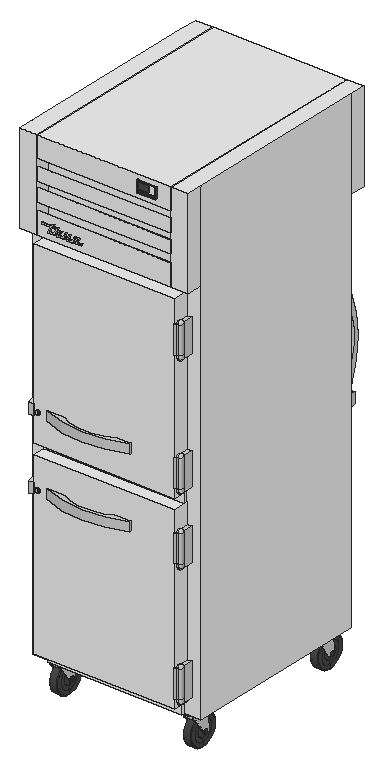
Revit family "QF_TRUE_STR1RPT-2HS-1G-HC", category Specialty Equipment, Revit 2012 (continued)
Automatic sketch dimensions
  Extrusion 6 sketch curve to Extrusion 6 sketch curve = 0.04799"
  Extrusion 6 sketch curve to Extrusion 6 sketch curve = 0.02531"
  Extrusion 6 sketch curve to Extrusion 6 sketch curve = 0.03054"
  Extrusion 6 sketch curve to Extrusion 6 sketch curve = 0.2589"
  Extrusion 6 sketch curve to Extrusion 6 sketch curve = 0.0674"
  Extrusion 6 sketch curve to Extrusion 6 sketch curve = 0.0324"
  Extrusion 6 sketch curve to Extrusion 6 sketch curve = 0.26185"
  Extrusion 6 sketch curve to Extrusion 6 sketch curve = 11/256"
  Extrusion 6 sketch curve to Extrusion 6 sketch curve = 0.07366"
  Extrusion 6 sketch curve to Extrusion 6 sketch curve = 0.02187"
  Extrusion 6 sketch curve to Extrusion 6 sketch curve = 0.06479"
  Extrusion 6 sketch curve to Extrusion 6 sketch curve = 0.01183"
  Extrusion 6 sketch curve to Extrusion 6 sketch curve = 0.05778"
  Extrusion 6 sketch curve to Extrusion 6 sketch curve = 0.53375"
  Extrusion 6 sketch curve to Extrusion 6 sketch curve = 0.23098"
  Extrusion 6 sketch curve to Extrusion 6 sketch curve = 0"
  Extrusion 6 sketch curve to Extrusion 6 sketch curve = 0.05045"
  Extrusion 6 sketch curve to Extrusion 6 sketch curve = 0.09139"
  Extrusion 6 sketch curve to Extrusion 6 sketch curve = 29/128"  (x3)
  Extrusion 9 sketch curve to Extrusion 9 sketch curve = 1/4"  (x2)
  Extrusion 9 sketch curve to Extrusion 9 sketch curve = 0.50669"  (x2)
  Extrusion 9 sketch curve to plane 6 = 0.63926"  (x2)
  Extrusion 9 sketch curve to Extrusion 9 sketch curve = 2 1/2"  (x2)
  level to Extrusion 9 sketch curve = 2.59003"
  Extrusion 9 sketch curve to Extrusion 9 sketch curve = 0.59966"  (x2)
  Extrusion 9 sketch curve to Extrusion 9 sketch curve = 0.07363"
  level to Extrusion 9 sketch curve = 2.5164"
  Extrusion 9 sketch curve to Extrusion 9 sketch curve = 0.32905"
  Extrusion 9 sketch curve to Extrusion 9 sketch curve = 0.60485"  (x2)
  Extrusion 10 sketch curve to Extrusion 10 sketch curve = 1/4"  (x2)
  Extrusion 10 sketch curve to Extrusion 10 sketch curve = 0.50669"  (x2)
  Extrusion 10 sketch curve to plane 6 = 0.63926"  (x2)
  Extrusion 10 sketch curve to Extrusion 10 sketch curve = 2 1/2"  (x2)
  level to Extrusion 10 sketch curve = 2.59003"
  Extrusion 10 sketch curve to Extrusion 10 sketch curve = 0.59966"  (x2)
  Extrusion 10 sketch curve to Extrusion 10 sketch curve = 0.07363"
  level to Extrusion 10 sketch curve = 2.5164"
  Extrusion 10 sketch curve to Extrusion 10 sketch curve = 0.32905"
  Extrusion 10 sketch curve to Extrusion 10 sketch curve = 0.60485"  (x2)
  Extrusion 15 sketch curve to Extrusion 15 sketch curve = 1/4"  (x2)
  Extrusion 15 sketch curve to plane 6 = 0.63926"  (x2)
  Extrusion 15 sketch curve to Extrusion 15 sketch curve = 2 1/2"  (x2)
  Extrusion 15 sketch curve to plane 6 = 0.93273"  (x2)
  Extrusion 15 sketch curve to Extrusion 15 sketch curve = 0.03603"
  Extrusion 15 sketch curve to plane 6 = 1.24411"
  plane 2 "LEFT" to Revolve 16 sketch curve = 1.33602"
  Revolve 16 sketch curve to Revolve 16 sketch curve = 0.48273"
  Revolve 16 sketch curve to Revolve 16 sketch curve = 0.1"  (x2)
  Revolve 16 sketch curve to Revolve 16 sketch curve = 0.16101"  (x2)
  Revolve 16 sketch curve to Revolve 16 sketch curve = 1/2"
  Revolve 16 sketch curve to Revolve 16 sketch curve = 0.16509"  (x2)
  Revolve 16 sketch curve to Revolve 16 sketch curve = 0.39592"
  level to Revolve 16 sketch curve = 2 1/2"
  Revolve 16 sketch curve to Revolve 16 sketch curve = 0"
  Revolve 16 sketch curve to Revolve 16 sketch curve = 0.29941"  (x2)
  Revolve 16 sketch curve to Revolve 16 sketch curve = 3/4"  (x4)
  Revolve 16 sketch curve to Revolve 16 sketch curve = 0.59652"
  Revolve 16 sketch curve to Revolve 16 sketch curve = 0.60059"
  Extrusion 17 sketch curve to Extrusion 17 sketch curve = 1/4"  (x2)
  Extrusion 17 sketch curve to Extrusion 17 sketch curve = 0.50669"  (x2)
  Extrusion 17 sketch curve to plane 6 = 0.63926"  (x2)
  Extrusion 17 sketch curve to Extrusion 17 sketch curve = 2 1/2"  (x2)
  level to Extrusion 17 sketch curve = 2.59003"
  Extrusion 17 sketch curve to Extrusion 17 sketch curve = 0.59966"  (x2)
  Extrusion 17 sketch curve to Extrusion 17 sketch curve = 0.07363"
  level to Extrusion 17 sketch curve = 2.5164"
  Extrusion 17 sketch curve to Extrusion 17 sketch curve = 0.32905"
  Extrusion 17 sketch curve to Extrusion 17 sketch curve = 0.60485"  (x2)
  Extrusion 18 sketch curve to Extrusion 18 sketch curve = 1/4"  (x2)
  Extrusion 18 sketch curve to Extrusion 18 sketch curve = 0.50669"  (x2)
  Extrusion 18 sketch curve to plane 6 = 0.63926"  (x2)
  Extrusion 18 sketch curve to Extrusion 18 sketch curve = 2 1/2"  (x2)
  level to Extrusion 18 sketch curve = 2.59003"
  Extrusion 18 sketch curve to Extrusion 18 sketch curve = 0.59966"  (x2)
  Extrusion 18 sketch curve to Extrusion 18 sketch curve = 0.07363"
  level to Extrusion 18 sketch curve = 2.5164"
  Extrusion 18 sketch curve to Extrusion 18 sketch curve = 0.32905"
  Extrusion 18 sketch curve to Extrusion 18 sketch curve = 0.60485"  (x2)
  Revolve 19 sketch curve to plane 6 = 0.62954"
  Revolve 19 sketch curve to Revolve 19 sketch curve = 0.10278"
  Revolve 19 sketch curve to plane 6 = 0.00141"
  plane 6 to Revolve 19 sketch curve = 0.26768"
  Revolve 20 sketch curve to level = 0"
  Revolve 20 sketch curve to Revolve 20 sketch curve = 1/4"
  Revolve 20 sketch curve to plane 6 = 0"
  level to Revolve 20 sketch curve = 1"
  Revolve 20 sketch curve to Revolve 20 sketch curve = 5/8"
  plane 6 to Revolve 20 sketch curve = 1 25/32"
  Revolve 21 sketch curve to level = 0"
  Revolve 21 sketch curve to Revolve 21 sketch curve = 1/4"
  Revolve 21 sketch curve to plane 6 = 0"
  level to Revolve 21 sketch curve = 1"
  Revolve 21 sketch curve to Revolve 21 sketch curve = 5/8"
  plane 6 to Revolve 21 sketch curve = 1 25/32"
  Revolve 22 sketch curve to plane 6 = 0.62954"
  Revolve 22 sketch curve to Revolve 22 sketch curve = 0.10278"
  Revolve 22 sketch curve to plane 6 = 0.00141"
  plane 6 to Revolve 22 sketch curve = 0.26768"
  Extrusion 23 sketch curve to Extrusion 23 sketch curve = 1/4"  (x2)
  Extrusion 23 sketch curve to plane 6 = 0.63926"  (x2)
  Extrusion 23 sketch curve to Extrusion 23 sketch curve = 2 1/2"  (x2)
  Extrusion 23 sketch curve to plane 6 = 0.93273"  (x2)
  Extrusion 23 sketch curve to Extrusion 23 sketch curve = 0.03603"
  Extrusion 23 sketch curve to plane 6 = 1.24411"
  plane 2 "LEFT" to Extrusion 27 sketch curve = 3/64"
  Extrusion 28 sketch curve to Extrusion 28 sketch curve = 0.20453"
  Extrusion 28 sketch curve to plane 5 "TOP" = 19.57271"
  Extrusion 28 sketch curve to Extrusion 28 sketch curve = 4.39928"
  Extrusion 28 sketch curve to Extrusion 28 sketch curve = 0.71221"
  Revolve 29 sketch curve to Revolve 29 sketch curve = 0.40666"
  Revolve 29 sketch curve to Revolve 29 sketch curve = 0"  (x2)
  Revolve 29 sketch curve to plane 5 "TOP" = 18.75492"
  Revolve 29 sketch curve to Revolve 29 sketch curve = 0.55526"
  Revolve 29 sketch curve to Revolve 29 sketch curve = 0.19474"
  Revolve 29 sketch curve to Revolve 29 sketch curve = 0.14649"
  Revolve 29 sketch curve to Revolve 29 sketch curve = 4.42889"
  Revolve 29 sketch curve to Revolve 29 sketch curve = 0.05342"
  Revolve 29 sketch curve to Revolve 29 sketch curve = 0.51246"
  Revolve 29 sketch curve to Revolve 29 sketch curve = 0.05889"
  Extrusion 30 sketch curve to Extrusion 30 sketch curve = 0.39759"
  Extrusion 30 sketch curve to plane 5 "TOP" = 19.6514"
  Extrusion 30 sketch curve to Extrusion 30 sketch curve = 4.47281"
  Extrusion 31 sketch curve to Extrusion 31 sketch curve = 0.20453"
  plane 6 to Extrusion 31 sketch curve = 38.92729"
  Extrusion 31 sketch curve to Extrusion 31 sketch curve = 4.39928"
  Extrusion 31 sketch curve to Extrusion 31 sketch curve = 0.71221"
  Revolve 32 sketch curve to Revolve 32 sketch curve = 0.40666"
  Revolve 32 sketch curve to Revolve 32 sketch curve = 0"  (x2)
  Revolve 32 sketch curve to plane 5 "TOP" = 38.25492"
  Revolve 32 sketch curve to Revolve 32 sketch curve = 0.55526"
  Revolve 32 sketch curve to Revolve 32 sketch curve = 0.19474"
  Revolve 32 sketch curve to Revolve 32 sketch curve = 0.14649"
  Revolve 32 sketch curve to Revolve 32 sketch curve = 4.42889"
  Revolve 32 sketch curve to Revolve 32 sketch curve = 0.05342"
  Revolve 32 sketch curve to Revolve 32 sketch curve = 0.51246"
  Revolve 32 sketch curve to Revolve 32 sketch curve = 0.05889"
  Extrusion 33 sketch curve to Extrusion 33 sketch curve = 0.39759"
  plane 6 to Extrusion 33 sketch curve = 38.8486"
  Extrusion 33 sketch curve to Extrusion 33 sketch curve = 4.47281"
  Extrusion 34 sketch curve to Extrusion 34 sketch curve = 0.20453"
  plane 6 to Extrusion 34 sketch curve = 27.92729"
  Extrusion 34 sketch curve to Extrusion 34 sketch curve = 4.39928"
  Extrusion 34 sketch curve to Extrusion 34 sketch curve = 0.71221"
  Revolve 35 sketch curve to Revolve 35 sketch curve = 0.40666"
  Revolve 35 sketch curve to Revolve 35 sketch curve = 0"  (x2)
  plane 6 to Revolve 35 sketch curve = 28.74508"
  Revolve 35 sketch curve to Revolve 35 sketch curve = 0.55526"
  Revolve 35 sketch curve to Revolve 35 sketch curve = 0.19474"
  Revolve 35 sketch curve to Revolve 35 sketch curve = 0.14649"
  Revolve 35 sketch curve to Revolve 35 sketch curve = 4.42889"
  Revolve 35 sketch curve to Revolve 35 sketch curve = 0.05342"
  Revolve 35 sketch curve to Revolve 35 sketch curve = 0.51246"
  Revolve 35 sketch curve to Revolve 35 sketch curve = 0.05889"
  Extrusion 36 sketch curve to Extrusion 36 sketch curve = 0.39759"
  plane 6 to Extrusion 36 sketch curve = 27.8486"
  Extrusion 36 sketch curve to Extrusion 36 sketch curve = 4.47281"
  Extrusion 37 sketch curve to Extrusion 37 sketch curve = 0.20453"
  plane 6 to Extrusion 37 sketch curve = 8.17729"
  plane 6 to Extrusion 37 sketch curve = 3.57348"
  Extrusion 37 sketch curve to Extrusion 37 sketch curve = 0.75105"
  Revolve 38 sketch curve to Revolve 38 sketch curve = 0"
  plane 6 to Revolve 38 sketch curve = 8.99508"
  Revolve 38 sketch curve to Revolve 38 sketch curve = 0.55526"
  Revolve 38 sketch curve to Revolve 38 sketch curve = 0.19474"
  Revolve 38 sketch curve to Revolve 38 sketch curve = 0.14649"
  plane 6 to Revolve 38 sketch curve = 3.62689"
  Revolve 38 sketch curve to Revolve 38 sketch curve = 0.05342"
  Revolve 38 sketch curve to Revolve 38 sketch curve = 0.51246"
  Revolve 38 sketch curve to Revolve 38 sketch curve = 0.05889"
  Extrusion 39 sketch curve to Extrusion 39 sketch curve = 0.39759"
  plane 6 to Extrusion 39 sketch curve = 8.0986"
  plane 6 to Extrusion 39 sketch curve = 3.62579"
  plane 8 to Extrusion 40 sketch curve = 3/16"  (x2)
  Extrusion 40 sketch curve to Extrusion 40 sketch curve = 0.21217"  (x2)
  Extrusion 40 sketch curve to Extrusion 40 sketch curve = 7.70023"
  plane 6 to Extrusion 40 sketch curve = 33 1/4"
  Extrusion 40 sketch curve to Extrusion 40 sketch curve = 2.3785"
  Extrusion 40 sketch curve to Extrusion 40 sketch curve = 4.559"
  Extrusion 40 sketch curve to Extrusion 40 sketch curve = 0"
  Extrusion 44 sketch curve to Extrusion 44 sketch curve = 0.20453"
  Extrusion 44 sketch curve to plane 5 "TOP" = 19.66646"
  Extrusion 44 sketch curve to Extrusion 44 sketch curve = 4.39928"
  Extrusion 44 sketch curve to Extrusion 44 sketch curve = 0.71221"
  Revolve 45 sketch curve to Revolve 45 sketch curve = 0.40666"
  Revolve 45 sketch curve to Revolve 45 sketch curve = 0"  (x2)
  Revolve 45 sketch curve to plane 5 "TOP" = 18.84867"
  Revolve 45 sketch curve to Revolve 45 sketch curve = 0.55526"
  Revolve 45 sketch curve to Revolve 45 sketch curve = 0.19474"
  Revolve 45 sketch curve to Revolve 45 sketch curve = 0.14649"
  Revolve 45 sketch curve to Revolve 45 sketch curve = 4.42889"
  Revolve 45 sketch curve to Revolve 45 sketch curve = 0.05342"
  Revolve 45 sketch curve to Revolve 45 sketch curve = 0.51246"
  Revolve 45 sketch curve to Revolve 45 sketch curve = 0.05889"
  Extrusion 47 sketch curve to Extrusion 47 sketch curve = 0.20453"
  plane 6 to Extrusion 47 sketch curve = 38.83354"
  Extrusion 47 sketch curve to Extrusion 47 sketch curve = 4.39928"
  Extrusion 47 sketch curve to Extrusion 47 sketch curve = 0.71221"
  Revolve 48 sketch curve to Revolve 48 sketch curve = 0.40666"
  Revolve 48 sketch curve to Revolve 48 sketch curve = 0"  (x2)
  Revolve 48 sketch curve to plane 5 "TOP" = 38.34867"
  Revolve 48 sketch curve to Revolve 48 sketch curve = 0.55526"
  Revolve 48 sketch curve to Revolve 48 sketch curve = 0.19474"
  Revolve 48 sketch curve to Revolve 48 sketch curve = 0.14649"
  Revolve 48 sketch curve to Revolve 48 sketch curve = 4.42889"
  Revolve 48 sketch curve to Revolve 48 sketch curve = 0.05342"
  Revolve 48 sketch curve to Revolve 48 sketch curve = 0.51246"
  Revolve 48 sketch curve to Revolve 48 sketch curve = 0.05889"
  Extrusion 50 sketch curve to Extrusion 50 sketch curve = 0.20453"
  plane 6 to Extrusion 50 sketch curve = 27.83354"
  Extrusion 50 sketch curve to Extrusion 50 sketch curve = 4.39928"
  Extrusion 50 sketch curve to Extrusion 50 sketch curve = 0.71221"
  Revolve 51 sketch curve to Revolve 51 sketch curve = 0.40666"
  Revolve 51 sketch curve to Revolve 51 sketch curve = 0"  (x2)
  plane 6 to Revolve 51 sketch curve = 28.65133"
  Revolve 51 sketch curve to Revolve 51 sketch curve = 0.55526"
  Revolve 51 sketch curve to Revolve 51 sketch curve = 0.19474"
  Revolve 51 sketch curve to Revolve 51 sketch curve = 0.14649"
  Revolve 51 sketch curve to Revolve 51 sketch curve = 4.42889"
  Revolve 51 sketch curve to Revolve 51 sketch curve = 0.05342"
  Revolve 51 sketch curve to Revolve 51 sketch curve = 0.51246"
  Revolve 51 sketch curve to Revolve 51 sketch curve = 0.05889"
  Extrusion 53 sketch curve to Extrusion 53 sketch curve = 0.20453"
  plane 6 to Extrusion 53 sketch curve = 8.08354"
  plane 6 to Extrusion 53 sketch curve = 3.47973"
  Extrusion 53 sketch curve to Extrusion 53 sketch curve = 0.71221"
  Revolve 54 sketch curve to Revolve 54 sketch curve = 0.40666"
  Revolve 54 sketch curve to Revolve 54 sketch curve = 0"  (x2)
  plane 6 to Revolve 54 sketch curve = 8.90133"
  Revolve 54 sketch curve to Revolve 54 sketch curve = 0.55526"
  Revolve 54 sketch curve to Revolve 54 sketch curve = 0.19474"
  Revolve 54 sketch curve to Revolve 54 sketch curve = 0.14649"
  plane 6 to Revolve 54 sketch curve = 3.53314"
  Revolve 54 sketch curve to Revolve 54 sketch curve = 0.05342"
  Revolve 54 sketch curve to Revolve 54 sketch curve = 0.51246"
  Revolve 54 sketch curve to Revolve 54 sketch curve = 0.05889"
  Extrusion 56 sketch curve to Extrusion 56 sketch curve = 0.0555"
  plane 6 to Extrusion 56 sketch curve = 25.91365"
  Extrusion 56 sketch curve to Extrusion 56 sketch curve = 0.27385"
  Extrusion 56 sketch curve to Extrusion 56 sketch curve = 0.29355"
  Blend 57 sketch curve to Blend 57 sketch curve = 3/4"
  plane 6 to Blend 57 sketch curve = 27.00831"
  Blend 57 sketch curve to Blend 57 sketch curve = 1 3/4"
  Blend 57 sketch curve to Blend 57 sketch curve = 0.93223"
  plane 6 to Blend 57 sketch curve = 27.6059"
  Blend 57 sketch curve to Blend 57 sketch curve = 2.78233"
  Extrusion 58 sketch curve to plane 4 "FRONT" = 3/16"  (x2)
  Extrusion 58 sketch curve to Extrusion 58 sketch curve = 2.37851"  (x2)
  Extrusion 58 sketch curve to Extrusion 58 sketch curve = 0"
  Extrusion 58 sketch curve to Extrusion 58 sketch curve = 0.2122"
  Extrusion 58 sketch curve to Extrusion 58 sketch curve = 7.30945"
  Extrusion 62 sketch curve to Extrusion 62 sketch curve = 0.0555"
  plane 6 to Extrusion 62 sketch curve = 37.26895"
  Extrusion 62 sketch curve to Extrusion 62 sketch curve = 0.29355"
  Extrusion 62 sketch curve to Extrusion 62 sketch curve = 0.27385"
  Blend 63 sketch curve to Blend 63 sketch curve = 3/4"
  plane 6 to Blend 63 sketch curve = 38.49169"
  Blend 63 sketch curve to Blend 63 sketch curve = 1 3/4"
  Blend 63 sketch curve to Blend 63 sketch curve = 0.93223"
  plane 6 to Blend 63 sketch curve = 38.92643"
  Blend 63 sketch curve to Blend 63 sketch curve = 2.78233"
  Extrusion 64 sketch curve to plane 4 "FRONT" = 3/16"  (x2)
  Extrusion 64 sketch curve to Extrusion 64 sketch curve = 2.37851"  (x2)
  Extrusion 64 sketch curve to Extrusion 64 sketch curve = 0"
  Extrusion 64 sketch curve to Extrusion 64 sketch curve = 0.2122"
  Extrusion 64 sketch curve to Extrusion 64 sketch curve = 7.30945"
  plane 2 "LEFT" to Revolve 66 sketch curve = 1.33602"
  Revolve 66 sketch curve to Revolve 66 sketch curve = 0.48273"
  Revolve 66 sketch curve to Revolve 66 sketch curve = 0.1"  (x2)
  Revolve 66 sketch curve to Revolve 66 sketch curve = 0.16101"  (x2)
  Revolve 66 sketch curve to Revolve 66 sketch curve = 1/2"
  Revolve 66 sketch curve to Revolve 66 sketch curve = 0.16509"  (x2)
  Revolve 66 sketch curve to Revolve 66 sketch curve = 0.39592"
  level to Revolve 66 sketch curve = 2 1/2"
  Revolve 66 sketch curve to Revolve 66 sketch curve = 0"
  Revolve 66 sketch curve to Revolve 66 sketch curve = 0.29941"  (x2)
  Revolve 66 sketch curve to Revolve 66 sketch curve = 3/4"  (x4)
  Revolve 66 sketch curve to Revolve 66 sketch curve = 0.59652"
  Revolve 66 sketch curve to Revolve 66 sketch curve = 0.60059"
  Extrusion 9 sketch curve to Extrusion 9 sketch curve = 1.7492"
  Extrusion 10 sketch curve to Extrusion 10 sketch curve = 1.7492"
  Extrusion 17 sketch curve to Extrusion 17 sketch curve = 1.7492"
  Extrusion 18 sketch curve to Extrusion 18 sketch curve = 1.7492"
  Extrusion 28 sketch curve to Extrusion 28 sketch curve = 1.50065"
  Extrusion 31 sketch curve to Extrusion 31 sketch curve = 1.50065"
  Extrusion 34 sketch curve to Extrusion 34 sketch curve = 1.50065"
  Extrusion 37 sketch curve to Extrusion 37 sketch curve = 1.50065"
  Extrusion 3 sketch curve to Extrusion 3 sketch curve = 1/2"
  Extrusion 5 sketch curve to Extrusion 5 sketch curve = 2 9/16"
  Extrusion 9 sketch curve to Extrusion 9 sketch curve = 0.35555"
  Extrusion 10 sketch curve to Extrusion 10 sketch curve = 0.35555"
  Extrusion 17 sketch curve to Extrusion 17 sketch curve = 0.35555"
  Extrusion 18 sketch curve to Extrusion 18 sketch curve = 0.35555"
  Extrusion 44 sketch curve to Extrusion 44 sketch curve = 1.50065"
  Extrusion 47 sketch curve to Extrusion 47 sketch curve = 1.50065"
  Extrusion 50 sketch curve to Extrusion 50 sketch curve = 1.50065"
  Extrusion 53 sketch curve to Extrusion 53 sketch curve = 1.50065"
  Extrusion 1 sketch curve to plane 4 "FRONT" = 2 3/4"
  plane 7 to Extrusion 3 sketch curve = 2.3292"
  plane 7 to Extrusion 3 sketch curve = 2.7042"
  plane 7 to Extrusion 3 sketch curve = 2.2042"
  Extrusion 3 sketch curve to Extrusion 3 sketch curve = 0"  (x2)
  plane 7 to Extrusion 3 sketch curve = 0.1417"  (x4)
  Extrusion 5 sketch curve to plane 4 "FRONT" = 3/16"
  Extrusion 9 sketch curve to plane 4 "FRONT" = 6.90419"
  Extrusion 10 sketch curve to plane 4 "FRONT" = 6.90419"
  Extrusion 15 sketch curve to plane 4 "FRONT" = 6.58467"
  Extrusion 17 sketch curve to plane 4 "FRONT" = 6.90419"
  Extrusion 18 sketch curve to plane 4 "FRONT" = 6.90419"
  Extrusion 23 sketch curve to plane 4 "FRONT" = 6.58467"
  Extrusion 44 sketch curve to plane 4 "FRONT" = 0.60979"
  Extrusion 44 sketch curve to Extrusion 44 sketch curve = 0.43503"
  Revolve 45 sketch curve to plane 4 "FRONT" = 3/8"  (x2)
  Revolve 45 sketch curve to Revolve 45 sketch curve = 0.02425"
  Revolve 45 sketch curve to Revolve 45 sketch curve = 0.38436"
  Extrusion 47 sketch curve to plane 4 "FRONT" = 0.60979"
  Extrusion 47 sketch curve to Extrusion 47 sketch curve = 0.43503"
  Revolve 48 sketch curve to plane 4 "FRONT" = 3/8"  (x2)
  Revolve 48 sketch curve to Revolve 48 sketch curve = 0.02425"
  Revolve 48 sketch curve to Revolve 48 sketch curve = 0.02231"
  Extrusion 50 sketch curve to plane 4 "FRONT" = 0.60979"
  Extrusion 50 sketch curve to Extrusion 50 sketch curve = 0.43503"
  Revolve 51 sketch curve to plane 4 "FRONT" = 3/8"  (x2)
  Revolve 51 sketch curve to Revolve 51 sketch curve = 0.02425"
  Revolve 51 sketch curve to Revolve 51 sketch curve = 0.02231"
  Extrusion 53 sketch curve to plane 4 "FRONT" = 0.60979"
  Extrusion 53 sketch curve to Extrusion 53 sketch curve = 0.43503"
  Revolve 54 sketch curve to plane 4 "FRONT" = 3/8"  (x2)
  Revolve 54 sketch curve to Revolve 54 sketch curve = 0.02425"
  Revolve 54 sketch curve to Revolve 54 sketch curve = 0.02231"
  Extrusion 58 sketch curve to plane 4 "FRONT" = 7.95429"
  Extrusion 64 sketch curve to plane 4 "FRONT" = 7.95429"
  plane 8 to Extrusion 1 sketch curve = 2 3/4"
  plane 8 to Extrusion 3 sketch curve = 2 3/4"  (x2)
  plane 8 to Extrusion 3 sketch curve = 2.15841"  (x2)
  plane 8 to Extrusion 3 sketch curve = 3/16"  (x4)
  plane 8 to Extrusion 9 sketch curve = 6.82645"
  plane 8 to Extrusion 10 sketch curve = 6.82645"
  plane 8 to Extrusion 15 sketch curve = 6.82645"
  plane 8 to Extrusion 17 sketch curve = 6.82645"
  plane 8 to Extrusion 18 sketch curve = 6.82645"
  plane 8 to Extrusion 23 sketch curve = 6.82645"
  plane 8 to Extrusion 27 sketch curve = 2 3/4"
  plane 8 to Extrusion 27 sketch curve = 3/16"
  plane 8 to Extrusion 28 sketch curve = 0.60979"
  Extrusion 28 sketch curve to Extrusion 28 sketch curve = 0.43503"
  plane 8 to Revolve 29 sketch curve = 3/16"  (x2)
  Revolve 29 sketch curve to Revolve 29 sketch curve = 0.38242"
  Revolve 29 sketch curve to Revolve 29 sketch curve = 0.02231"
  plane 8 to Extrusion 31 sketch curve = 0.60979"
  Extrusion 31 sketch curve to Extrusion 31 sketch curve = 0.43503"
  plane 8 to Revolve 32 sketch curve = 3/16"  (x2)
  Revolve 32 sketch curve to Revolve 32 sketch curve = 0.38242"
  Revolve 32 sketch curve to Revolve 32 sketch curve = 0.02231"
  plane 8 to Extrusion 34 sketch curve = 0.60979"
  Extrusion 34 sketch curve to Extrusion 34 sketch curve = 0.43503"
  plane 8 to Revolve 35 sketch curve = 3/16"  (x2)
  Revolve 35 sketch curve to Revolve 35 sketch curve = 0.38242"
  Revolve 35 sketch curve to Revolve 35 sketch curve = 0.38436"
  plane 8 to Extrusion 37 sketch curve = 0.60979"
  Extrusion 37 sketch curve to Extrusion 37 sketch curve = 0.43503"
  plane 8 to Revolve 38 sketch curve = 3/16"  (x2)
  Revolve 38 sketch curve to Revolve 38 sketch curve = 0.38242"
  Revolve 38 sketch curve to Revolve 38 sketch curve = 0.38436"
  plane 8 to Revolve 38 sketch curve = 0.59416"
  Revolve 38 sketch curve to Revolve 38 sketch curve = 0.40666"
  plane 8 to Extrusion 40 sketch curve = 8.21725"
  plane 2 "LEFT" to Extrusion 1 sketch curve = 2 55/64"
  Extrusion 5 sketch curve to Extrusion 5 sketch curve = 2 13/16"
  plane 2 "LEFT" to Extrusion 6 sketch curve = 3.68957"
  Revolve 16 sketch curve to Revolve 16 sketch curve = 0.4"
  Revolve 16 sketch curve to Revolve 16 sketch curve = 0.75408"
  Revolve 16 sketch curve to Revolve 16 sketch curve = 0.10408"
  plane 2 "LEFT" to Revolve 19 sketch curve = 1.54668"
  Revolve 19 sketch curve to Revolve 19 sketch curve = 1.29707"
  Revolve 19 sketch curve to Revolve 19 sketch curve = 0"
  plane 2 "LEFT" to Revolve 20 sketch curve = 1.51037"
  plane 2 "LEFT" to Revolve 20 sketch curve = 2 3/32"
  Revolve 20 sketch curve to Revolve 20 sketch curve = 1/2"
  Revolve 20 sketch curve to Revolve 20 sketch curve = 0"
  plane 2 "LEFT" to Revolve 21 sketch curve = 1.51037"
  plane 2 "LEFT" to Revolve 21 sketch curve = 2 3/32"
  Revolve 21 sketch curve to Revolve 21 sketch curve = 1/2"
  Revolve 21 sketch curve to Revolve 21 sketch curve = 0"
  plane 2 "LEFT" to Revolve 22 sketch curve = 1.54668"
  Revolve 22 sketch curve to Revolve 22 sketch curve = 1.29707"
  Revolve 22 sketch curve to Revolve 22 sketch curve = 0"
  Extrusion 27 sketch curve to Extrusion 27 sketch curve = 2 13/16"
  plane 2 "LEFT" to Extrusion 30 sketch curve = 1.88366"
  plane 2 "LEFT" to Extrusion 33 sketch curve = 1.88366"
  plane 2 "LEFT" to Extrusion 36 sketch curve = 1.88366"
  plane 2 "LEFT" to Extrusion 39 sketch curve = 1.88366"
  plane 2 "LEFT" to Extrusion 56 sketch curve = 3.0734"
  Extrusion 56 sketch curve to Extrusion 56 sketch curve = 0.02035"
  plane 2 "LEFT" to Blend 57 sketch curve = 2 9/32"  (x2)
  plane 2 "LEFT" to Extrusion 58 sketch curve = 4 9/16"
  Extrusion 58 sketch curve to Extrusion 58 sketch curve = 4.42149"
  plane 2 "LEFT" to Extrusion 62 sketch curve = 3.0734"
  Extrusion 62 sketch curve to Extrusion 62 sketch curve = 0.02035"
  plane 2 "LEFT" to Blend 63 sketch curve = 2 9/32"  (x2)
  plane 2 "LEFT" to Extrusion 64 sketch curve = 4 9/16"
  Extrusion 64 sketch curve to Extrusion 64 sketch curve = 4.42149"
  Revolve 66 sketch curve to Revolve 66 sketch curve = 0.4"
  Revolve 66 sketch curve to Revolve 66 sketch curve = 0.75408"
  Revolve 66 sketch curve to Revolve 66 sketch curve = 0.10408"
  Extrusion 2 sketch curve to plane 3 "RIGHT" = 0"
  Extrusion 2 sketch curve to plane 3 "RIGHT" = 2 55/64"
  Extrusion 2 sketch curve to plane 4 "FRONT" = 2 3/4"
  plane 8 to Extrusion 2 sketch curve = 2 3/4"
  Extrusion 4 sketch curve to plane 3 "RIGHT" = 2 55/64"
  Extrusion 4 sketch curve to plane 3 "RIGHT" = 3/64"
  Extrusion 4 sketch curve to plane 4 "FRONT" = 3/16"
  Extrusion 4 sketch curve to Extrusion 4 sketch curve = 2 9/16"
  Extrusion 7 sketch curve to plane 3 "RIGHT" = 3 1/4"
  Extrusion 7 sketch curve to plane 5 "TOP" = 2 1/8"
  Revolve 8 sketch curve to plane 3 "RIGHT" = 4.35148"
  Revolve 8 sketch curve to Revolve 8 sketch curve = 0.48273"
  Revolve 8 sketch curve to Revolve 8 sketch curve = 0.4"
  Revolve 8 sketch curve to Revolve 8 sketch curve = 0"  (x2)
  Revolve 8 sketch curve to Revolve 8 sketch curve = 0.1"  (x2)
  Revolve 8 sketch curve to Revolve 8 sketch curve = 0.16101"
  Revolve 8 sketch curve to Revolve 8 sketch curve = 0.75408"
  Revolve 8 sketch curve to Revolve 8 sketch curve = 0.92798"
  Revolve 8 sketch curve to Revolve 8 sketch curve = 0.06101"
  Revolve 8 sketch curve to Revolve 8 sketch curve = 1/2"
  Revolve 8 sketch curve to Revolve 8 sketch curve = 0.16509"
  Revolve 8 sketch curve to Revolve 8 sketch curve = 0.39592"
  level to Revolve 8 sketch curve = 2 1/2"
  Revolve 8 sketch curve to Revolve 8 sketch curve = 0.29941"  (x2)
  Revolve 8 sketch curve to Revolve 8 sketch curve = 3/4"  (x4)
  Revolve 8 sketch curve to Revolve 8 sketch curve = 0.59652"
  Revolve 8 sketch curve to Revolve 8 sketch curve = 0.60059"
  Revolve 11 sketch curve to plane 6 = 0.62954"
  Revolve 11 sketch curve to plane 3 "RIGHT" = 4.14082"
  Revolve 11 sketch curve to Revolve 11 sketch curve = 1.29707"
  Revolve 11 sketch curve to Revolve 11 sketch curve = 0"
  Revolve 11 sketch curve to Revolve 11 sketch curve = 0.10278"
  Revolve 11 sketch curve to plane 6 = 0.00141"
  plane 6 to Revolve 11 sketch curve = 0.26768"
  Revolve 12 sketch curve to level = 0"
  Revolve 12 sketch curve to plane 6 = 0"
  Revolve 12 sketch curve to plane 3 "RIGHT" = 4.17713"
  level to Revolve 12 sketch curve = 1"
  Revolve 12 sketch curve to plane 3 "RIGHT" = 3 19/32"
  Revolve 12 sketch curve to Revolve 12 sketch curve = 1/4"
  Revolve 12 sketch curve to Revolve 12 sketch curve = 1/2"
  Revolve 12 sketch curve to Revolve 12 sketch curve = 0"
  Revolve 12 sketch curve to Revolve 12 sketch curve = 5/8"
  plane 6 to Revolve 12 sketch curve = 1 25/32"
  Revolve 13 sketch curve to level = 0"
  Revolve 13 sketch curve to plane 6 = 0"
  Revolve 13 sketch curve to plane 3 "RIGHT" = 4.17713"
  level to Revolve 13 sketch curve = 1"
  Revolve 13 sketch curve to plane 3 "RIGHT" = 3 19/32"
  Revolve 13 sketch curve to Revolve 13 sketch curve = 1/4"
  Revolve 13 sketch curve to Revolve 13 sketch curve = 1/2"
  Revolve 13 sketch curve to Revolve 13 sketch curve = 0"
  Revolve 13 sketch curve to Revolve 13 sketch curve = 5/8"
  plane 6 to Revolve 13 sketch curve = 1 25/32"
  Revolve 14 sketch curve to plane 6 = 0.62954"
  Revolve 14 sketch curve to plane 3 "RIGHT" = 4.14082"
  Revolve 14 sketch curve to Revolve 14 sketch curve = 1.29707"
  Revolve 14 sketch curve to Revolve 14 sketch curve = 0"
  Revolve 14 sketch curve to Revolve 14 sketch curve = 0.10278"
  Revolve 14 sketch curve to plane 6 = 0.00141"
  plane 6 to Revolve 14 sketch curve = 0.26768"
  plane 2 "LEFT" to Extrusion 24 sketch curve = 2 9/32"
  Extrusion 24 sketch curve to Extrusion 24 sketch curve = 3 11/32"  (x2)
  Extrusion 24 sketch curve to plane 3 "RIGHT" = 5 5/8"
  Extrusion 24 sketch curve to plane 3 "RIGHT" = 2 9/32"
  Extrusion 24 sketch curve to plane 5 "TOP" = 16 5/32"
  plane 6 to Extrusion 24 sketch curve = 5 1/4"
  plane 6 to Extrusion 24 sketch curve = 1 29/32"
  plane 2 "LEFT" to Extrusion 25 sketch curve = 5 5/8"
  Extrusion 25 sketch curve to plane 3 "RIGHT" = 5 5/8"
  Extrusion 25 sketch curve to plane 5 "TOP" = 19 1/2"
  plane 6 to Extrusion 25 sketch curve = 5 1/4"
  Extrusion 26 sketch curve to plane 3 "RIGHT" = 2 55/64"
  Extrusion 26 sketch curve to plane 3 "RIGHT" = 3/64"
  plane 8 to Extrusion 26 sketch curve = 2 3/4"
  plane 8 to Extrusion 26 sketch curve = 3/16"
  Extrusion 41 sketch curve to plane 3 "RIGHT" = 3.0734"
  Extrusion 41 sketch curve to Extrusion 41 sketch curve = 0.02035"
  Extrusion 41 sketch curve to Extrusion 41 sketch curve = 0.0555"
  plane 6 to Extrusion 41 sketch curve = 31.58145"
  Extrusion 41 sketch curve to Extrusion 41 sketch curve = 0.29355"
  Extrusion 41 sketch curve to Extrusion 41 sketch curve = 0.27385"
  Blend 42 sketch curve to plane 3 "RIGHT" = 2 9/32"  (x2)
  Blend 42 sketch curve to Blend 42 sketch curve = 3/4"
  plane 6 to Blend 42 sketch curve = 32.80419"
  Blend 42 sketch curve to Blend 42 sketch curve = 1 3/4"
  Blend 42 sketch curve to Blend 42 sketch curve = 0.93223"
  plane 6 to Blend 42 sketch curve = 33.23893"
  Blend 42 sketch curve to Blend 42 sketch curve = 2.78233"
  plane 2 "LEFT" to Extrusion 43 sketch curve = 2 9/32"
  Extrusion 43 sketch curve to Extrusion 43 sketch curve = 0"
  Extrusion 43 sketch curve to plane 3 "RIGHT" = 2 9/32"  (x2)
  plane 6 to Extrusion 43 sketch curve = 1 29/32"
  Extrusion 43 sketch curve to Extrusion 43 sketch curve = 29 1/8"
  Extrusion 43 sketch curve to Extrusion 43 sketch curve = 1 11/16"
  Extrusion 43 sketch curve to plane 5 "TOP" = 16 5/32"
  Extrusion 46 sketch curve to plane 3 "RIGHT" = 1.88366"
  Extrusion 46 sketch curve to Extrusion 46 sketch curve = 0.39759"
  Extrusion 46 sketch curve to plane 5 "TOP" = 19.74515"
  Extrusion 46 sketch curve to Extrusion 46 sketch curve = 4.47281"
  Extrusion 49 sketch curve to plane 3 "RIGHT" = 1.88366"
  Extrusion 49 sketch curve to Extrusion 49 sketch curve = 0.39759"
  plane 6 to Extrusion 49 sketch curve = 38.75485"
  Extrusion 49 sketch curve to Extrusion 49 sketch curve = 4.47281"
  Extrusion 52 sketch curve to plane 3 "RIGHT" = 1.88366"
  Extrusion 52 sketch curve to Extrusion 52 sketch curve = 0.39759"
  plane 6 to Extrusion 52 sketch curve = 27.75485"
  Extrusion 52 sketch curve to Extrusion 52 sketch curve = 4.47281"
  Extrusion 55 sketch curve to plane 3 "RIGHT" = 1.88366"
  Extrusion 55 sketch curve to Extrusion 55 sketch curve = 0.39759"
  plane 6 to Extrusion 55 sketch curve = 8.00485"
  plane 6 to Extrusion 55 sketch curve = 3.53204"
  plane 2 "LEFT" to Extrusion 59 sketch curve = 2 9/32"
  Extrusion 59 sketch curve to plane 3 "RIGHT" = 2 9/32"
  plane 6 to Extrusion 59 sketch curve = 31 1/32"
  Extrusion 59 sketch curve to Extrusion 59 sketch curve = 1 11/16"
  Extrusion 60 sketch curve to plane 5 "TOP" = 2.55982"
  Extrusion 60 sketch curve to plane 3 "RIGHT" = 8.1621"
  Extrusion 60 sketch curve to Extrusion 60 sketch curve = 2 29/32"
  Extrusion 60 sketch curve to plane 5 "TOP" = 13/16"
  Extrusion 61 sketch curve to plane 5 "TOP" = 3/4"
  Extrusion 61 sketch curve to plane 3 "RIGHT" = 8.2246"
  Extrusion 61 sketch curve to Extrusion 61 sketch curve = 1/16"  (x4)
  Extrusion 61 sketch curve to Extrusion 61 sketch curve = 0.1375"  (x2)
  Extrusion 61 sketch curve to Extrusion 61 sketch curve = 1/4"  (x4)
  Extrusion 61 sketch curve to Extrusion 61 sketch curve = 0.44601"
  Extrusion 61 sketch curve to Extrusion 61 sketch curve = 1/2"  (x2)
  Extrusion 61 sketch curve to Extrusion 61 sketch curve = 0.0035"
  Extrusion 61 sketch curve to Extrusion 61 sketch curve = 1.06923"
  Extrusion 61 sketch curve to plane 5 "TOP" = 0.95"
  Extrusion 61 sketch curve to Extrusion 61 sketch curve = 1"
  Extrusion 61 sketch curve to Extrusion 61 sketch curve = 0.34106"  (x3)
  Extrusion 61 sketch curve to Extrusion 61 sketch curve = 0"
  Extrusion 61 sketch curve to Extrusion 61 sketch curve = 0.26876"
  Revolve 65 sketch curve to plane 3 "RIGHT" = 4.35148"
  Revolve 65 sketch curve to Revolve 65 sketch curve = 0.48273"
  Revolve 65 sketch curve to Revolve 65 sketch curve = 0.4"
  Revolve 65 sketch curve to Revolve 65 sketch curve = 0"  (x2)
  Revolve 65 sketch curve to Revolve 65 sketch curve = 0.1"  (x2)
  Revolve 65 sketch curve to Revolve 65 sketch curve = 0.16101"
  Revolve 65 sketch curve to Revolve 65 sketch curve = 0.75408"
  Revolve 65 sketch curve to Revolve 65 sketch curve = 0.92798"
  Revolve 65 sketch curve to Revolve 65 sketch curve = 0.06101"
  Revolve 65 sketch curve to Revolve 65 sketch curve = 1/2"
  Revolve 65 sketch curve to Revolve 65 sketch curve = 0.16509"
  Revolve 65 sketch curve to Revolve 65 sketch curve = 0.39592"
  level to Revolve 65 sketch curve = 2 1/2"
  Revolve 65 sketch curve to Revolve 65 sketch curve = 0.29941"  (x2)
  Revolve 65 sketch curve to Revolve 65 sketch curve = 3/4"  (x4)
  Revolve 65 sketch curve to Revolve 65 sketch curve = 0.59652"
  Revolve 65 sketch curve to Revolve 65 sketch curve = 0.60059"
  Extrusion 69 sketch curve to plane 3 "RIGHT" = 2 9/32"
  Extrusion 69 sketch curve to plane 4 "FRONT" = 3/16"
  plane 2 "LEFT" to Extrusion 69 sketch curve = 2 9/32"
  Extrusion 68 sketch curve to plane 10 = 0"
  plane 8 to Extrusion 68 sketch curve = 0.29154"
  plane 2 "LEFT" to Extrusion 68 sketch curve = 1.89296"
  Extrusion 68 sketch curve to Extrusion 68 sketch curve = 0.38829"
  plane 8 to Extrusion 68 sketch curve = 3/16"
  curve 1 to plane 2 "LEFT" = 0"
  plane 4 "FRONT" to curve 26 = 0"
  plane 8 to curve 37 = 0"
  plane 4 "FRONT" to curve 29 = 0"
  curve 5 to plane 3 "RIGHT" = 0"
  plane 2 "LEFT" to curve 12 = 1.20097"
  plane 2 "LEFT" to curve 8 = 1.20097"
  curve 39 to plane 4 "FRONT" = 3/16"
  plane 2 "LEFT" to curve 39 = 2 9/32"
  plane 8 to curve 41 = 3/16"
  plane 2 "LEFT" to curve 41 = 2 9/32"
  curve 40 to curve 41 = 0"
  curve 7 to curve 8 = 1.08591"
  curve 11 to curve 13 = 1.08591"
  curve 39 to curve 26 = 1.40832"
  curve 40 to curve 11 = 1.41972"
  plane 2 "LEFT" to curve 7 = 3.70097"
  curve 26 to curve 32 = 0.81768"
  plane 2 "LEFT" to curve 38 = 5.35429"
  curve 32 to curve 33 = 2.85421"
  curve 33 to curve 28 = 2.97278"
  curve 6 to curve 32 = 6.57561"
  curve 6 to curve 33 = 6.61409"
  curve 28 to curve 33 = 5.44975"
  curve 37 to plane 3 "RIGHT" = 10.33424"
  plane 4 "FRONT" to curve 34 = 0.0247"
  curve 33 to curve 34 = 2.37851"
  curve 32 to curve 29 = 1.11291"
  curve 16 to plane 3 "RIGHT" = 5.39157"
  curve 41 to plane 3 "RIGHT" = 5.35429"
  curve 29 to curve 30 = 3 1/32"
  curve 31 to curve 19 = 0.0149"
  curve 15 to curve 17 = 1.08591"
  curve 19 to curve 21 = 1.08591"
  curve 22 to plane 8 = 1 15/32"
  curve 22 to plane 3 "RIGHT" = 3 27/32"
  curve 22 to curve 36 = 0.15418"
  curve 15 to plane 3 "RIGHT" = 2.89157"
  curve 18 to plane 3 "RIGHT" = 2.67844"
  curve 22 to curve 23 = 1 1/2"
  curve 39 to plane 3 "RIGHT" = 2 9/32"
  curve 24 to curve 41 = 1/16"
  curve 38 to curve 39 = 0"
  curve 3 to curve 5 = 2 9/16"
  curve 31 to curve 21 = 3.74099"
  curve 5 to curve 9 = 1.40562"
  curve 20 to curve 20 = 0.62695"
  curve 8 to curve 8 = 0.62695"
  curve 13 to curve 40 = 7.78188"
  curve 16 to curve 35 = 7.78188"
  curve 16 to curve 16 = 0.62695"
  curve 12 to curve 12 = 0.62695"
  curve 14 to curve 1 = 0.88926"
  Extrusion 67 sketch curve to plane 9 = 0"
  Extrusion 67 sketch curve to plane 4 "FRONT" = 0.29154"
  Extrusion 67 sketch curve to plane 3 "RIGHT" = 1.89296"
  Extrusion 67 sketch curve to plane 4 "FRONT" = 3/16"
  Extrusion 67 sketch curve to Extrusion 67 sketch curve = 0.38829"
  plane 2 "LEFT" to Extrusion 70 sketch curve = 2 27/32"
  plane 8 to Extrusion 70 sketch curve = 5.44102"
  plane 2 "LEFT" to Extrusion 71 sketch curve = 2 27/32"
  Extrusion 71 sketch curve to plane 4 "FRONT" = 4.71523"
  Extrusion 72 sketch curve to plane 3 "RIGHT" = 2 27/32"
  plane 8 to Extrusion 72 sketch curve = 5.44102"
  Extrusion 73 sketch curve to plane 3 "RIGHT" = 2 27/32"
  Extrusion 73 sketch curve to plane 4 "FRONT" = 4.71523"
  radius of Extrusion 56 sketch curve = 0.35"
  radius of Extrusion 62 sketch curve = 0.35"
  radius of Extrusion 7 sketch curve = 1/4"
  radius of Extrusion 41 sketch curve = 0.35"
  radius of Extrusion 70 sketch curve = 1 1/2"
  radius of Extrusion 71 sketch curve = 1 1/2"
  radius of Extrusion 72 sketch curve = 1 1/2"
  radius of Extrusion 73 sketch curve = 1 1/2"
Connectors (in)
  electrical at (24.25, 2.5625, 82), driven by "Volts", driven by "Watts"
    settings: on Extrusion 7, index 1, voltage 115 V, apparent load 437 VA, apparent load phase1 0 VA, apparent load phase2 0 VA, apparent load phase3 0 VA, power factor 1, load classification "Other", number of poles 1, system type 30, power factor state 1, is connector primary yes, connector utility no, sub classification motor no, connector description "ELECTRICAL CONNECTION"
